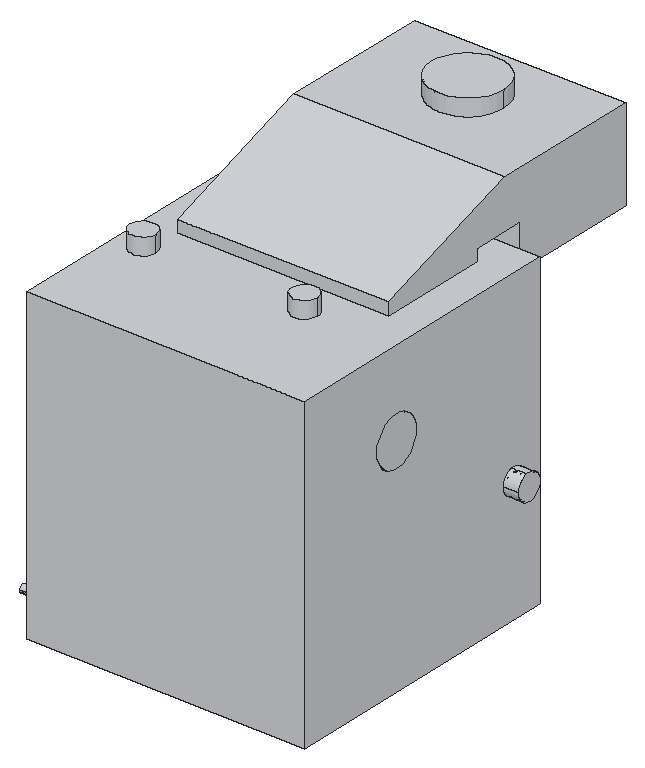
Revit family "M_Caldeira a gás - Ferro fundido - 94-165 kW", category Equipamento mecânico, Revit 2019
Family settings
  Cota do conector redondo = Usar raio
  Tipo de parte = Normal
  Número OmniClass = 23.75.10.11.14.11
  Título OmniClass = Cast-Iron Boilers
  ID de item do Seek = Gas Fired Boiler - Cast Iron - 94-165 kW-0000-CAN-ENU
  Com base no plano de trabalho = Não
  Sempre na vertical = Sim
  Corte com vazios quando carregada = Não
  Compartilhado = Não
  Ponto de cálculo do ambiente = Não
Parameters (values of type "94 kW")
  Fluxo da água [instance] = 0.26 L/s
  Raio da ventilação = 112.5 mm
  Comprimento da ventilação = 432 mm
  Diâmetro da ventilação = Raio da ventilação * 2  # 225 mm
  Aumento de temperatura [instance] = 16 °C
  Comprimento de fornecimento = 502 mm
  Queda de pressão da água [instance] = 276000.0 Pa
  Calor de saída [instance] = 94000 W
  Calor de entrada [instance] = 117000 W
  Raio do gás = 12.5 mm
  Fluxo de gás [instance] = 0.03 L/s
  Diâmetro do gás = Raio do gás * 2  # 25 mm
  Raio da água quente = 40 mm
  Diâmetro da água quente = Raio da água quente * 2  # 80 mm
  Fluxo do ar de exaustão [instance] = 0.0 L/s
  Raio da água gelada = 40 mm
  Diâmetro da água gelada = Raio da água gelada * 2  # 80 mm
  Comprimento do exaustor = 655 mm
  Material do boiler = none
  Comprimento da caldeira = 864 mm
  BHP [instance] = 9.58
Types (6, lengths in mm): name | Fluxo da água | Raio da ventilação | Comprimento da ventilação | Diâmetro da ventilação | Comprimento de fornecimento | Queda de pressão da água | Calor de saída | Calor de entrada | Raio do gás | Fluxo de gás | Diâmetro do gás | Comprimento do exaustor | Comprimento da caldeira | BHP
  (no name) | 0.26 L/s | 112.5 | 432 | 225 | 502 | 276000.0 Pa | 94000 W | 117000 W | 12.5 | 0.03 L/s | 25 | 655 | 864 | 9.58
  94 kW | 0.26 L/s | 112.5 | 432 | 225 | 502 | 276000.0 Pa | 94000 W | 117000 W | 12.5 | 0.03 L/s | 25 | 655 | 864 | 9.58
  110 kW | 0.26 L/s | 125 | 502 | 250 | 819 | 275800.0 Pa | 110000 W | 137000 W | 12.5 | 0.03 L/s | 25 | 793 | 1000 | 11.04
  128 kW | 0.32 L/s | 150 | 568 | 300 | 975 | 82700.0 Pa | 128000 W | 160000 W | 12.5 | 0.03 L/s | 25 | 930 | 1137 | 12.88
  146 kW | 0.32 L/s | 150 | 638 | 300 | 1111 | 82700.0 Pa | 146000 W | 183000 W | 16 | 0.06 L/s | 32 | 1069 | 1276 | 14.73
  165 kW | 0.32 L/s | 150 | 708 | 300 | 1251 | 82700.0 Pa | 165000 W | 206000 W | 16 | 0.06 L/s | 32 | 1207 | 1416 | 16.57
Reference planes
  plane 1 "Centro (Frente/Trás)": y = 0
  plane 2: z = 0
  plane 3 "Centro (Esquerda/Direita)": x = 0
  plane 4: x = 864
  plane 5: y = 914.4
  plane 6: z = 965.2
  plane 7: z = 101.6
  plane 8: y = 50.8
  plane 9: x = -50.8
  plane 10: y = 808.037
  plane 11: z = 390.525
  plane 12: x = 82.55
  plane 13: y = 349.25
  plane 14: z = 1016
  plane 15: x = 584.55
  plane 16: x = 432
  plane 17: x = 104.5
  plane 18: x = 759.5
  plane 19: z = 698.5
  plane 20: y = 355.6
  plane 21: y = 1376.362
  plane 22: z = 868.363
  plane 23: z = 1154.113
  plane 24: y = 965.2
  plane 25: y = 798.512
  plane 26: y = 457.2
  plane 27: z = 1003.3
  plane 28: y = 908.05
  plane 29: y = 1173.162
  plane 30: z = 1204.913
  plane 31: x = 914.8
Forms (mm)
  Extrusion 1, solid, material <- "Material do boiler"
    sketch origin (0, 0, 0) x (1, 0, 0) y (0, 1, 0)
      loop
        line (0, 914.4) -> (0, 0) -> (864, 0) -> (864, 914.4) -> (0, 914.4)
    from 0 to 965.2
  Extrusion 2, solid, material <- "Material do boiler"
    sketch origin (0, 0, 0) x (0, 1, 0) y (0, 0, 1)
      loop
        circle (50.8, 101.6) r 12.5
    from 0 to -50.8
  Extrusion 3, solid, material <- "Material do boiler"
    sketch origin (0, 0, 0) x (0, 1, 0) y (0, 0, 1)
      loop
        circle (808.037, 390.525) r 40
    from 0 to -50.8
  Extrusion 4, solid, material <- "Material do boiler"
    sketch origin (0, 0, 0) x (1, 0, 0) y (0, 1, 0)
      loop
        circle (82.55, 349.25) r 40
    from 965.2 to 1016
  Extrusion 5, solid, material <- "Material do boiler"
    sketch origin (0, 0, 0) x (1, 0, 0) y (0, 1, 0)
      loop
        circle (584.55, 349.25) r 40
    from 965.2 to 1016
  Extrusion 6, solid, material <- "Material do boiler"
    sketch origin (0, 0, 0) x (0, 1, 0) y (0, 0, 1)
      loop
        circle (355.6, 698.5) r 76.2
    from 0 to 432
  Extrusion 7, solid, material <- "Material do boiler", detail levels fine
    sketch origin (0, 0, 0) x (0, 1, 0) y (0, 0, 1)
      loop
        line (457.2, 965.2) -> (798.512, 965.2) -> (798.512, 1003.3) -> (965.2, 1003.3) -> (965.2, 868.363) -> (1376.362, 868.363) -> (1376.362, 1154.113) -> (908.05, 1154.113) -> (457.2, 1003.3) -> (457.2, 965.2)
    from 104.5 to 759.5
  Extrusion 8, solid, material <- "Material do boiler"
    sketch origin (0, 0, 0) x (1, 0, 0) y (0, 1, 0)
      loop
        circle (432, 1173.162) r 112.5
    from 1154.113 to 1204.913
  Extrusion 9, solid, material <- "Material do boiler"
    sketch origin (863.6, 0, 0) x (0, 1, 0) y (0, 0, -1)
      loop
        circle (808.037, -390.525) r 40
    from -0.4 to -51.2
  Extrusion 10, solid, material <- "Material do boiler"
    sketch origin (1136.65, 0, 0) x (0, 1, 0) y (0, 0, -1)
      loop
        circle (355.6, -698.5) r 76.2
    from 272.65 to 704.65
  Extrusion 11, solid, material <- "Material do boiler", detail levels coarse+medium
    sketch origin (0, 1465.263, 101.6) x (0, 1, 0) y (-1, 0, 0)
      loop
        line (-88.901, -104.5) -> (-550.863, -104.5) -> (-550.863, -759.5) -> (-88.901, -759.5) -> (-88.901, -104.5)
    from 766.763 to 1052.513
  Extrusion 12, solid, material <- "Material do boiler", detail levels coarse+medium
    sketch origin (0, 1465.263, 101.6) x (0, 1, 0) y (-1, 0, 0)
      loop
        line (-550.863, -104.5) -> (-1008.063, -104.5) -> (-1008.063, -759.5) -> (-550.863, -759.5) -> (-550.863, -104.5)
    from 863.6 to 1052.513
  Extrusion 13, solid, material <- "Material do boiler", detail levels fine
    sketch origin (0, 0, 0) x (0, 1, 0) y (0, 0, 1)
      loop
        circle (808.037, 390.525) r 40
    from 864 to 914.8
  Extrusion 14, solid, material <- "Material do boiler", detail levels fine
    sketch origin (0, 0, 0) x (0, 1, 0) y (0, 0, 1)
      loop
        circle (808.037, 390.525) r 40
      loop
        circle (50.8, 101.6) r 12.5
    from -50.8 to 0
Cuts and joins
  joined: Extrusion 1, Extrusion 4, Extrusion 5, Extrusion 8
  joined: Extrusion 11, Extrusion 12
  joined: Extrusion 2, Extrusion 3, Extrusion 9
Lines and regions (mm)
  model lines, detail levels coarse+medium
    curve 1: line (0, 50.8, 101.6) -> (-50.8, 50.8, 101.6)
    curve 2: line (0, 808.037, 390.525) -> (-50.8, 808.037, 390.525)
    curve 3: line (914.8, 808.037, 390.525) -> (864, 808.037, 390.525)
  model lines, detail levels coarse
    curve 4: line (432, 1173.162, 1154.112) -> (432, 1173.162, 1204.912)
  symbolic lines, detail levels fine
    curve 5: line (0, 846.137, 101.6) -> (-50.8, 846.137, 101.6)
    curve 6: line (-50.8, 846.137, 101.6) -> (-50.8, 769.937, 101.6)
    curve 7: line (-50.8, 769.937, 101.6) -> (0, 769.937, 101.6)
    curve 8: line (864, 846.137, 101.6) -> (914.8, 846.137, 101.6)
    curve 9: line (914.8, 846.137, 101.6) -> (914.8, 769.937, 101.6)
    curve 10: line (914.8, 769.937, 101.6) -> (864, 769.937, 101.6)
    curve 11: line (0, 63.5, 101.6) -> (-50.8, 63.5, 101.6)
    curve 12: line (-50.8, 63.5, 101.6) -> (-50.8, 38.1, 101.6)
    curve 13: line (-50.8, 38.1, 101.6) -> (0, 38.1, 101.6)
Dimensions and locks
  locked: plane 6 to plane 2 at 965.2
  locked: plane 5 to plane 1 "Centro (Frente/Trás)" at 914.4
  "Comprimento da caldeira": plane 4 to plane 3 "Centro (Esquerda/Direita)"
  locked: plane 7 to plane 2 at 101.6
  locked: plane 8 to plane 1 "Centro (Frente/Trás)" at 50.8
  locked: plane 3 "Centro (Esquerda/Direita)" to plane 9 at 50.8
  locked: plane 5 to plane 10 at 106.363
  locked: plane 11 to plane 2 at 390.525
  locked: plane 12 to plane 3 "Centro (Esquerda/Direita)" at 82.55
  locked: plane 13 to plane 1 "Centro (Frente/Trás)" at 349.25
  locked: plane 14 to plane 6 at 50.8
  "Comprimento de fornecimento": plane 15 to plane 12
  "Comprimento da ventilação": plane 4 to plane 16
  "Comprimento do exaustor": plane 18 to plane 17
  equal spacing: plane 18, plane 16, plane 17
  locked: plane 19 to plane 2 at 698.5
  locked: plane 20 to plane 1 "Centro (Frente/Trás)" at 355.6
  locked: plane 21 to plane 1 "Centro (Frente/Trás)" at 1376.363
  locked: plane 22 to plane 2 at 868.362
  locked: plane 23 to plane 22 at 285.75
  locked: plane 21 to plane 24 at 411.162
  locked: plane 24 to plane 25 at 166.688
  locked: plane 25 to plane 26 at 341.312
  locked: plane 27 to plane 6 at 38.1
  locked: plane 28 to plane 26 at 450.85
  locked: plane 29 to plane 1 "Centro (Frente/Trás)" at 1173.162
  locked: plane 30 to plane 23 at 50.8
  locked: plane 31 to plane 4 at 50.8
  "Raio do gás": radius of Extrusion 2 sketch curve
  "Raio da água gelada": radius of Extrusion 3 sketch curve
  "Raio da água quente": radius of Extrusion 4 sketch curve
  "Raio da água quente": radius of Extrusion 5 sketch curve
  radius of Extrusion 6 sketch curve = 76.2 mm
  "Raio da ventilação": radius of Extrusion 8 sketch curve
  "Raio da água gelada": radius of Extrusion 9 sketch curve
  radius of Extrusion 10 sketch curve = 76.2 mm
  "Raio da água gelada": radius of Extrusion 13 sketch curve
  "Raio da água gelada": radius of Extrusion 14 sketch curve
  "Raio do gás": radius of Extrusion 14 sketch curve
  aligned and locked: Extrusion 1 to plane 5
  aligned and locked: plane 1 "Centro (Frente/Trás)" to Extrusion 1
  aligned and locked: Extrusion 1 to plane 3 "Centro (Esquerda/Direita)"
  aligned and locked: plane 4 to Extrusion 1
  aligned and locked: plane 6 to Extrusion 1
  aligned and locked: Extrusion 1 to plane 2
  aligned and locked: plane 8 to Extrusion 2 sketch curve
  aligned and locked: plane 7 to Extrusion 2 sketch curve
  aligned and locked: Extrusion 2 to plane 9
  aligned and locked: plane 3 "Centro (Esquerda/Direita)" to Extrusion 2
  aligned and locked: plane 10 to Extrusion 3 sketch curve
  aligned and locked: plane 11 to Extrusion 3 sketch curve
  aligned and locked: Extrusion 3 to plane 9
  aligned and locked: plane 3 "Centro (Esquerda/Direita)" to Extrusion 3
  aligned and locked: plane 13 to Extrusion 4 sketch curve
  aligned and locked: plane 12 to Extrusion 4 sketch curve
  aligned and locked: plane 14 to Extrusion 4
  aligned and locked: Extrusion 4 to plane 6
  aligned and locked: plane 15 to Extrusion 5 sketch curve
  aligned and locked: plane 13 to Extrusion 5 sketch curve
  aligned and locked: plane 14 to Extrusion 5
  aligned and locked: Extrusion 5 to plane 6
  aligned and locked: plane 20 to Extrusion 6 sketch curve
  aligned and locked: plane 19 to Extrusion 6 sketch curve
  aligned and locked: Extrusion 6 to plane 3 "Centro (Esquerda/Direita)"
  aligned and locked: plane 16 to Extrusion 6
  aligned and locked: plane 23 to Extrusion 7
  aligned and locked: Extrusion 7 to plane 21
  aligned and locked: Extrusion 7 to plane 22
  aligned and locked: plane 24 to Extrusion 7
  aligned and locked: Extrusion 7 to plane 27
  aligned and locked: Extrusion 7 to plane 25
  aligned and locked: Extrusion 7 to plane 6
  aligned and locked: plane 26 to Extrusion 7
  aligned and locked: plane 18 to Extrusion 7
  aligned and locked: Extrusion 7 to plane 17
  aligned and locked: plane 16 to Extrusion 8 sketch curve
  aligned and locked: plane 29 to Extrusion 8 sketch curve
  aligned and locked: plane 23 to Extrusion 8
  aligned and locked: plane 30 to Extrusion 8
  aligned and locked: plane 31 to Extrusion 9
  aligned and locked: Extrusion 9 to plane 4
  aligned and locked: plane 10 to Extrusion 9 sketch curve
  aligned and locked: plane 11 to Extrusion 9 sketch curve
  aligned and locked: Extrusion 10 to plane 16
  aligned and locked: plane 4 to Extrusion 10
  aligned and locked: plane 20 to Extrusion 10 sketch curve
  aligned and locked: plane 19 to Extrusion 10 sketch curve
  aligned and locked: plane 3 "Centro (Esquerda/Direita)" to curve 1
  aligned and locked: plane 9 to curve 1
  aligned and locked: plane 7 to curve 1
  aligned and locked: plane 3 "Centro (Esquerda/Direita)" to curve 2
  aligned and locked: plane 9 to curve 2
  aligned and locked: curve 2 to plane 10
  aligned and locked: plane 4 to curve 3
  aligned and locked: plane 31 to curve 3
  aligned and locked: curve 3 to plane 10
  aligned and locked: plane 23 to curve 4
  aligned and locked: plane 30 to curve 4
  aligned and locked: plane 16 to curve 4
  aligned and locked: Extrusion 11 sketch curve to Extrusion 7  (x3)
  aligned and locked: Extrusion 11 to plane 22
  aligned and locked: plane 23 to Extrusion 11
  aligned and locked: Extrusion 11 sketch curve to plane 5
  aligned and locked: Extrusion 11 to Extrusion 12 sketch curve
  aligned and locked: Extrusion 12 sketch curve to Extrusion 11
  aligned and locked: Extrusion 12 sketch curve to Extrusion 7  (x2)
  aligned and locked: Extrusion 12 to plane 6
  aligned and locked: plane 23 to Extrusion 12
  aligned and locked: cut or joined group of Extrusion 2, Extrusion 3, Extrusion 9 to curve 5
  aligned and locked: curve 5 to cut or joined group of Extrusion 2, Extrusion 3, Extrusion 9
  aligned and locked: cut or joined group of Extrusion 2, Extrusion 3, Extrusion 9 to curve 7
  aligned and locked: curve 8 to cut or joined group of Extrusion 2, Extrusion 3, Extrusion 9
  aligned and locked: cut or joined group of Extrusion 2, Extrusion 3, Extrusion 9 to curve 8
  aligned and locked: curve 10 to cut or joined group of Extrusion 2, Extrusion 3, Extrusion 9
  aligned and locked: cut or joined group of Extrusion 2, Extrusion 3, Extrusion 9 to curve 11  (x2)
  aligned and locked: curve 13 to cut or joined group of Extrusion 2, Extrusion 3, Extrusion 9
  aligned and locked: plane 10 to Extrusion 13 sketch curve
  aligned and locked: plane 11 to Extrusion 13 sketch curve
  aligned and locked: plane 10 to Extrusion 14 sketch curve
  aligned and locked: plane 11 to Extrusion 14 sketch curve
  aligned and locked: plane 8 to Extrusion 14 sketch curve
  aligned and locked: plane 7 to Extrusion 14 sketch curve
  aligned and locked: Extrusion 14 to plane 9
  aligned and locked: plane 3 "Centro (Esquerda/Direita)" to Extrusion 14
  aligned and locked: plane 31 to Extrusion 13
  aligned and locked: Extrusion 13 to plane 4
Automatic sketch dimensions
  Extrusion 1 sketch curve to plane 1 "Centro (Frente/Trás)" = 0 mm
  Extrusion 1 sketch curve to plane 3 "Centro (Esquerda/Direita)" = 0 mm
  Extrusion 1 sketch curve to plane 4 = 0 mm
  Extrusion 1 sketch curve to plane 5 = 0 mm
  Extrusion 7 sketch curve to plane 6 = 0 mm
  Extrusion 7 sketch curve to plane 26 = 0 mm
  Extrusion 7 sketch curve to plane 25 = 0 mm
  Extrusion 7 sketch curve to plane 23 = 0 mm
  Extrusion 7 sketch curve to plane 28 = 0 mm
  Extrusion 7 sketch curve to plane 22 = 0 mm
  Extrusion 7 sketch curve to plane 24 = 0 mm
  Extrusion 7 sketch curve to plane 21 = 0 mm
  Extrusion 7 sketch curve to plane 27 = 0 mm  (x2)
  curve 2 to plane 3 "Centro (Esquerda/Direita)" = 0 mm
  curve 2 to plane 9 = 0 mm
  plane 8 to curve 13 = 12.7 mm
  curve 11 to plane 8 = 12.7 mm
  plane 25 to curve 6 = 28.575 mm
  plane 25 to curve 9 = 28.575 mm
  curve 8 to plane 10 = 38.1 mm
  curve 6 to plane 10 = 38.1 mm
Connectors
  piping at (82.55, 349.25, 1016), diameter 80, driven by "Fluxo da água", driven by "Queda de pressão da água", driven by "Raio da água quente"
    settings: on Extrusion 4, index 1, connector inside diameter 80 mm, connector length 0 mm, flow factor 0, pipe flow 0.26 L/s, pressure drop 276000.0 Pa, fitting loss kfactor 0, connector angle 0.00°, fixture units 0, engagement length 0 mm, angle of deflection 0.00°, flow configuration 0, flow direction 2, fitting loss method 4, system type 7, joint type 0, gender type 0, connector reference index -1, connector utility 0, adjustable connector no, is connector primary yes, connector description "Saída de água quente"
  piping at (584.55, 349.25, 1016), diameter 80, driven by "Fluxo da água", driven by "Queda de pressão da água", driven by "Raio da água quente"
    settings: on Extrusion 5, index 2, connector inside diameter 80 mm, connector length 0 mm, flow factor 0, pipe flow 0.26 L/s, pressure drop 276000.0 Pa, fitting loss kfactor 0, connector angle 0.00°, fixture units 0, engagement length 0 mm, angle of deflection 0.00°, flow configuration 0, flow direction 2, fitting loss method 4, system type 7, joint type 0, gender type 0, connector reference index -1, connector utility 0, adjustable connector no, is connector primary no, connector description "Saída de água quente"
  piping at (914.8, 808.037, 390.525), diameter 80, driven by "Raio da água gelada", driven by "Fluxo da água"
    settings: on Extrusion 9, index 3, connector inside diameter 80 mm, connector length 0 mm, flow factor 0, pipe flow 0.26 L/s, pressure drop 0.0 Pa, fitting loss kfactor 0, connector angle 0.00°, fixture units 0, engagement length 0 mm, angle of deflection 0.00°, flow configuration 0, flow direction 1, fitting loss method 0, system type 8, joint type 0, gender type 0, connector reference index -1, connector utility 0, adjustable connector no, is connector primary no, connector description "Entrada de água gelada"
  piping at (-50.8, 808.037, 390.525), diameter 80, driven by "Raio da água gelada", driven by "Fluxo da água"
    settings: on Extrusion 3, index 4, connector inside diameter 80 mm, connector length 0 mm, flow factor 0, pipe flow 0.26 L/s, pressure drop 0.0 Pa, fitting loss kfactor 0, connector angle 0.00°, fixture units 0, engagement length 0 mm, angle of deflection 0.00°, flow configuration 0, flow direction 1, fitting loss method 0, system type 8, joint type 0, gender type 0, connector reference index -1, connector utility 0, adjustable connector no, is connector primary no, connector description "Entrada de água gelada"
  piping at (-50.8, 50.8, 101.6), diameter 25, driven by "Fluxo de gás", driven by "Raio do gás"
    settings: on Extrusion 2, index 5, connector inside diameter 25 mm, connector length 0 mm, flow factor 0, pipe flow 0.03 L/s, pressure drop 0.0 Pa, fitting loss kfactor 0, connector angle 0.00°, fixture units 0, engagement length 0 mm, angle of deflection 0.00°, flow configuration 1, flow direction 1, fitting loss method 4, system type 22, joint type 0, gender type 0, connector reference index -1, connector utility 0, adjustable connector no, is connector primary no, connector description "Entrada de gás"
  hvac at (432, 1173.162, 1204.913), driven by "Fluxo do ar de exaustão", driven by "Raio da ventilação"
    settings: on Extrusion 8, index 6, duct flow 0.0 L/s, flow factor 0, pres drop 0.0 Pa, loss coef 0, conn angle 0.00°, conn width 304.8 mm, conn height 304.8 mm, conn diameter 225 mm, duct sys type 3, conn prof type 0, flow config 1, flow direction 2, loss method 0, conn ref index -1, conn util no, is conn primary yes, conn desc ""
  piping at (0, 355.6, 698.5), diameter 40
    settings: on Extrusion 6, index 7, connector inside diameter 40 mm, connector length 0 mm, flow factor 0, pipe flow 0.0 L/s, pressure drop 0.0 Pa, fitting loss kfactor 0, connector angle 0.00°, fixture units 0, engagement length 0 mm, angle of deflection 0.00°, flow configuration 1, flow direction 2, fitting loss method 0, system type 16, joint type 0, gender type 0, connector reference index -1, connector utility 0, adjustable connector yes, is connector primary no, connector description "Saída da drenagem"
  piping at (864, 355.6, 698.5), diameter 40
    settings: on Extrusion 10, index 8, connector inside diameter 40 mm, connector length 0 mm, flow factor 0, pipe flow 0.0 L/s, pressure drop 0.0 Pa, fitting loss kfactor 0, connector angle 0.00°, fixture units 0, engagement length 0 mm, angle of deflection 0.00°, flow configuration 1, flow direction 2, fitting loss method 0, system type 16, joint type 0, gender type 0, connector reference index -1, connector utility 0, adjustable connector yes, is connector primary no, connector description "Saída da drenagem"
  electrical at (864, 457.2, 482.6)
    settings: on Extrusion 1, index 9, voltage 0 V, apparent load 0 VA, apparent load phase1 0 VA, apparent load phase2 0 VA, apparent load phase3 0 VA, power factor 1, load classification "Outros", number of poles 1, system type 13, power factor state 1, is connector primary yes, connector utility no, sub classification motor no, connector description ""
